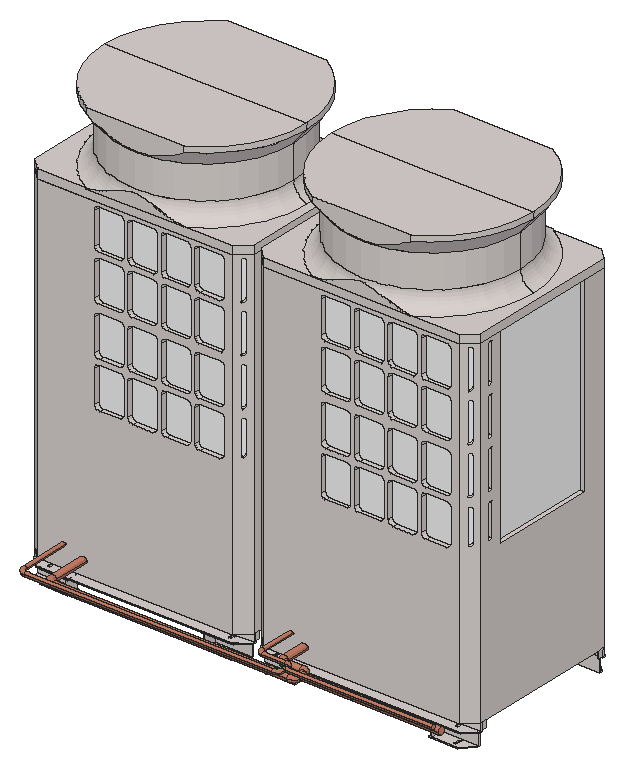
Revit family "PUHY-P550YSNW-A1", category Mechanical Equipment, Revit 2016 (continued)
Definition of nested family "PUHY-P300YNW-A1"
  Connectors
    piping at (-217, -189, 176), diameter 22.2, driven by "Gas pipe_radius"
      settings: on Extrusion 18, index 3, connector inside diameter 22.2 mm, connector length 0 mm, flow factor 0, pipe flow 0.0 L/s, pressure drop 0.0 Pa, fitting loss kfactor 0, connector angle 0.00°, fixture units 0, engagement length 0 mm, angle of deflection 0.00°, flow configuration 0, flow direction 0, fitting loss method 0, system type 22, joint type 0, gender type 0, connector reference index -1, connector utility 0, adjustable connector no, is connector primary yes, connector description "Refrigerant service valve (gas)"
    piping at (-300, -172, 176), diameter 9.52, driven by "Liquid pipe_radius"
      settings: on Extrusion 19, index 4, connector inside diameter 9.52 mm, connector length 0 mm, flow factor 0, pipe flow 0.0 L/s, pressure drop 0.0 Pa, fitting loss kfactor 0, connector angle 0.00°, fixture units 0, engagement length 0 mm, angle of deflection 0.00°, flow configuration 0, flow direction 0, fitting loss method 0, system type 22, joint type 0, gender type 0, connector reference index -1, connector utility 0, adjustable connector no, is connector primary no, connector description "Refrigerant service valve (Liquid)"
    electrical at (0, -370, 808)
      settings: on cut or joined group 1 (Extrusion 1, Extrusion 2, Extrusion 3, Extrusion 4, Extrusion 5, Extrusion 6, Extrusion 7, Extrusion 8, Extrusion 9, Extrusion 10, Extrusion 11, Extrusion 12, Extrusion 13, Extrusion 14, Extrusion 15, Extrusion 16, Extrusion 17, Extrusion 20, Extrusion 21, Extrusion 22, Extrusion 23, Extrusion 24, Extrusion 25, Extrusion 26, Extrusion 27, Extrusion 28, Extrusion 29, Extrusion 30, Extrusion 31, Extrusion 32), index 5, voltage 415 V, apparent load 0 VA, apparent load phase1 0 VA, apparent load phase2 0 VA, apparent load phase3 0 VA, power factor 1, load classification none, number of poles 3, system type 30, power factor state 1, is connector primary yes, connector utility no, sub classification motor no, connector description ""
  Definition of nested family "FAN GUARD"
    Parameters
      WIDTH [instance] = 920 mm
    Reference planes
      plane 1 "中心(正面/背面)": y = 0
      plane 2: z = 0
      plane 3 "中心(左/右)": x = 0
      plane 4 "ファンガード基準面": z = 660
      plane 5: y = 370
      plane 6: y = -370
      plane 7: x = 460
      plane 8: x = -460
      plane 9 "ファンガード基準上面": z = 694
      plane 10 "ファンガード上面": z = 997
    Forms (mm)
      Extrusion 1, solid
        sketch origin (0, 0, 660) x (-1, 0, 0) y (0, -1, 0)
          loop
            line (410, -370) -> (460, -320) -> (460, 320) -> (410, 370) -> (-410, 370) -> (-460, 320) -> (-460, -320) -> (-410, -370) -> (410, -370)
        from 0 to 34
      Revolve 2, solid
        sketch origin (0, 0, 0) x (1, 0, 0) y (0, 0, 1)
          loop
            line (0, 694) -> (0, 997) -> (-423, 997) -> (-423, 973) -> (-368.829, 903.664) -> (-368.829, 764.141)
            arc (-368.829, 764.141) -> (-384.109, 719.678) -> (-423.494, 694) r 72.332
            line (-423.494, 694) -> (0, 694)
          axis (0, 997) -> (0, 694)
        angle from 0 to 360
      Extrusion 3, void
        sketch origin (0, 0, 694) x (-1, 0, 0) y (0, -1, 0)
          loop
            line (345, -370) -> (-345, -370) -> (-345, -545) -> (345, -545) -> (345, -370)
          loop
            line (345, 370) -> (345, 539.592) -> (-345, 539.592) -> (-345, 370) -> (345, 370)
        from 0 to 400
    Cuts and joins
      Extrusion 3 cuts Revolve 2
    Lines and regions (mm)
      model lines
        curve 1: line (-423, 0, 997) -> (-80, 0, 997)
        curve 2: line (80, 0, 997) -> (423, 0, 997)
        curve 3: circle (0, 0, 997) r 80 normal (0, 0, 1)
        curve 4: line (-415.366, -80, 997) -> (415.366, -80, 997)
        curve 5: line (-391.572, -160, 997) -> (391.572, -160, 997)
        curve 6: line (-348.323, -240, 997) -> (348.323, -240, 997)
        curve 7: line (-276.639, -320, 997) -> (276.639, -320, 997)
        curve 8: line (-415.366, 80, 997) -> (415.366, 80, 997)
        curve 9: line (-391.572, 160, 997) -> (391.572, 160, 997)
        curve 10: line (-348.323, 240, 997) -> (348.323, 240, 997)
        curve 11: line (-276.639, 320, 997) -> (276.639, 320, 997)
        curve 12: line (0, 370, 997) -> (0, -370, 997)
        curve 13: line (-20, 370, 997) -> (-20, -370, 997)
        curve 14: line (-40, 370, 997) -> (-40, -370, 997)
        curve 15: line (-60, 370, 997) -> (-60, -370, 997)
        curve 16: line (-80, 370, 997) -> (-80, -370, 997)
        curve 17: line (20, 370, 997) -> (20, -370, 997)
        curve 18: line (40, 370, 997) -> (40, -370, 997)
        curve 19: line (60, 370, 997) -> (60, -370, 997)
        curve 20: line (80, 370, 997) -> (80, -370, 997)
        curve 21: line (100, 370, 997) -> (100, -370, 997)
        curve 22: line (120, 370, 997) -> (120, -370, 997)
        curve 23: line (140, 370, 997) -> (140, -370, 997)
        curve 24: line (160, 370, 997) -> (160, -370, 997)
        curve 25: line (180, 370, 997) -> (180, -370, 997)
        curve 26: line (200, 370, 997) -> (200, -370, 997)
        curve 27: line (220, 361.288, 997) -> (220, -361.288, 997)
        curve 28: line (240, 348.323, 997) -> (240, -348.323, 997)
        curve 29: line (260, 333.66, 997) -> (260, -333.66, 997)
        curve 30: line (280, 317.063, 997) -> (280, -317.063, 997)
        curve 31: line (300, 298.21, 997) -> (300, -298.21, 997)
        curve 32: line (320, 276.639, 997) -> (320, -276.639, 997)
        curve 33: line (340, 251.653, 997) -> (340, -251.653, 997)
        curve 34: line (360, 222.101, 997) -> (360, -222.101, 997)
        curve 35: line (380, 185.82, 997) -> (380, -185.82, 997)
        curve 36: line (400, 137.583, 997) -> (400, -137.583, 997)
        curve 37: line (420, 50.289, 997) -> (420, -50.289, 997)
        curve 38: line (-100, 370, 997) -> (-100, -370, 997)
        curve 39: line (-120, 370, 997) -> (-120, -370, 997)
        curve 40: line (-140, 370, 997) -> (-140, -370, 997)
        curve 41: line (-160, 370, 997) -> (-160, -370, 997)
        curve 42: line (-180, 370, 997) -> (-180, -370, 997)
        curve 43: line (-200, 370, 997) -> (-200, -370, 997)
        curve 44: line (-220, 361.288, 997) -> (-220, -361.288, 997)
        curve 45: line (-240, 348.323, 997) -> (-240, -348.323, 997)
        curve 46: line (-260, 333.66, 997) -> (-260, -333.66, 997)
        curve 47: line (-280, 317.063, 997) -> (-280, -317.063, 997)
        curve 48: line (-300, 298.21, 997) -> (-300, -298.21, 997)
        curve 49: line (-320, 276.639, 997) -> (-320, -276.639, 997)
        curve 50: line (-340, 251.653, 997) -> (-340, -251.653, 997)
        curve 51: line (-360, 222.101, 997) -> (-360, -222.101, 997)
        curve 52: line (-380, 185.82, 997) -> (-380, -185.82, 997)
        curve 53: line (-400, 137.583, 997) -> (-400, -137.583, 997)
        curve 54: line (-420, 50.289, 997) -> (-420, -50.289, 997)
        curve 55: line (10, 79.373, 997) -> (10, -79.373, 997)
        curve 56: line (-10, 79.373, 997) -> (-10, -79.373, 997)
        curve 57: line (30, 74.162, 997) -> (30, -74.162, 997)
        curve 58: line (50, 62.45, 997) -> (50, -62.45, 997)
        curve 59: line (70, 38.73, 997) -> (70, -38.73, 997)
        curve 60: line (-30, 74.162, 997) -> (-30, -74.162, 997)
        curve 61: line (-50, 62.45, 997) -> (-50, -62.45, 997)
        curve 62: line (-70, 38.73, 997) -> (-70, -38.73, 997)
    Dimensions and locks
      "WIDTH": plane 8 to plane 7
      locked: plane 6 to plane 5 at 740
      equal spacing: plane 8, plane 3 "中心(左/右)", plane 7
      equal spacing: plane 6, plane 1 "中心(正面/背面)", plane 5
      plane 3 "中心(左/右)" to Revolve 2 sketch curve = 423 mm
      locked: plane 10 "ファンガード上面" to plane 9 "ファンガード基準上面" at 303
      aligned and locked: level to plane 2
      aligned and locked: plane 5 to Extrusion 1 sketch curve
      aligned and locked: Extrusion 1 sketch curve to plane 6
      aligned and locked: plane 8 to Extrusion 1 sketch curve
      aligned and locked: plane 7 to Extrusion 1 sketch curve
      aligned and locked: plane 9 "ファンガード基準上面" to Extrusion 1
      aligned and locked: plane 4 "ファンガード基準面" to Extrusion 1
      aligned and locked: plane 9 "ファンガード基準上面" to Revolve 2 sketch curve
      aligned and locked: Revolve 2 sketch curve to plane 3 "中心(左/右)"
      aligned and locked: Extrusion 1 to Extrusion 3 sketch curve
      aligned and locked: Extrusion 3 sketch curve to Extrusion 1
      aligned and locked: cut or joined group of Revolve 2, Extrusion 3 to plane 10 "ファンガード上面"
    Automatic sketch dimensions
      Extrusion 1 sketch curve to plane 7 = 50 mm  (x2)
      plane 8 to Extrusion 1 sketch curve = 50 mm  (x2)
      plane 5 to Extrusion 1 sketch curve = 50 mm  (x2)
      Extrusion 1 sketch curve to plane 6 = 50 mm  (x2)
      plane 3 "中心(左/右)" to Extrusion 3 sketch curve = 345 mm  (x2)
      Extrusion 3 sketch curve to plane 3 "中心(左/右)" = 345 mm  (x2)
      Extrusion 3 sketch curve to Extrusion 3 sketch curve = 175 mm
      Extrusion 3 sketch curve to Extrusion 3 sketch curve = 169.592 mm
      plane 1 "中心(正面/背面)" to curve 2 = 0 mm
      plane 1 "中心(正面/背面)" to curve 3 = 0 mm
      curve 3 to plane 3 "中心(左/右)" = 0 mm
      curve 12 to plane 3 "中心(左/右)" = 0 mm
      plane 1 "中心(正面/背面)" to curve 1 = 0 mm
      plane 3 "中心(左/右)" to curve 55 = 10 mm
      curve 17 to curve 12 = 20 mm
      curve 57 to curve 55 = 20 mm
      curve 18 to curve 17 = 20 mm
      curve 58 to curve 57 = 20 mm
      curve 19 to curve 18 = 20 mm
      curve 59 to curve 58 = 20 mm
      curve 20 to curve 19 = 20 mm
      curve 2 to curve 59 = 10 mm
      curve 21 to curve 20 = 20 mm
      curve 22 to curve 21 = 20 mm
      curve 23 to curve 22 = 20 mm
      curve 24 to curve 23 = 20 mm
      curve 25 to curve 24 = 20 mm
      curve 26 to curve 25 = 20 mm
      curve 27 to curve 26 = 20 mm
      curve 28 to curve 27 = 20 mm
      curve 29 to curve 28 = 20 mm
      curve 11 to curve 29 = 16.639 mm
      curve 7 to curve 29 = 16.639 mm
      curve 30 to curve 7 = 3.361 mm
      curve 31 to curve 30 = 20 mm
      curve 32 to curve 31 = 20 mm
      curve 33 to curve 32 = 20 mm
      curve 6 to curve 33 = 8.323 mm
      curve 10 to curve 33 = 8.323 mm
      curve 34 to curve 10 = 11.677 mm
      curve 35 to curve 34 = 20 mm
      curve 9 to curve 35 = 11.572 mm
      curve 5 to curve 35 = 11.572 mm
      curve 36 to curve 9 = 8.428 mm
      curve 8 to curve 36 = 15.366 mm
      curve 4 to curve 36 = 15.366 mm
      curve 37 to curve 8 = 4.634 mm
      curve 2 to curve 37 = 3 mm
      curve 56 to plane 3 "中心(左/右)" = 10 mm
      curve 13 to plane 3 "中心(左/右)" = 20 mm
      curve 56 to curve 60 = 20 mm
      curve 13 to curve 14 = 20 mm
      curve 60 to curve 61 = 20 mm
      curve 14 to curve 15 = 20 mm
      curve 61 to curve 62 = 20 mm
      curve 15 to curve 16 = 20 mm
      curve 16 to curve 38 = 20 mm
      curve 38 to curve 39 = 20 mm
      curve 39 to curve 40 = 20 mm
      curve 40 to curve 41 = 20 mm
      curve 41 to curve 42 = 20 mm
      curve 42 to curve 43 = 20 mm
      curve 43 to curve 44 = 20 mm
      curve 44 to curve 45 = 20 mm
      curve 45 to curve 46 = 20 mm
      curve 46 to curve 7 = 16.639 mm
      curve 46 to curve 11 = 16.639 mm
      curve 7 to curve 47 = 3.361 mm
      curve 47 to curve 48 = 20 mm
      curve 48 to curve 49 = 20 mm
      curve 49 to curve 50 = 20 mm
      curve 50 to curve 6 = 8.323 mm
      curve 50 to curve 10 = 8.323 mm
      curve 10 to curve 51 = 11.677 mm
      curve 51 to curve 52 = 20 mm
      curve 52 to curve 9 = 11.572 mm
      curve 52 to curve 5 = 11.572 mm
      curve 5 to curve 53 = 8.428 mm
      curve 53 to curve 4 = 15.366 mm
      curve 53 to curve 8 = 15.366 mm
      curve 4 to curve 54 = 4.634 mm
      curve 54 to curve 1 = 3 mm
      curve 8 to plane 1 "中心(正面/背面)" = 80 mm
      curve 36 to curve 8 = 57.583 mm
      curve 53 to curve 8 = 57.583 mm
      curve 9 to curve 36 = 22.417 mm
      curve 52 to curve 9 = 25.82 mm
      curve 35 to curve 9 = 25.82 mm
      curve 51 to curve 52 = 36.282 mm
      curve 34 to curve 35 = 36.282 mm
      curve 10 to curve 51 = 17.899 mm
      curve 33 to curve 10 = 11.653 mm
      curve 50 to curve 10 = 11.653 mm
      curve 49 to curve 50 = 24.986 mm
      curve 32 to curve 33 = 24.986 mm
      curve 48 to curve 49 = 21.571 mm
      curve 31 to curve 32 = 21.571 mm
      curve 47 to curve 48 = 18.853 mm
      curve 30 to curve 31 = 18.853 mm
      curve 11 to curve 30 = 2.937 mm
      curve 29 to curve 11 = 13.66 mm
      curve 46 to curve 11 = 13.66 mm
      curve 28 to curve 29 = 14.663 mm
      curve 45 to curve 46 = 14.663 mm
      curve 44 to curve 45 = 12.965 mm
      curve 27 to curve 28 = 12.965 mm
      curve 12 to curve 27 = 8.712 mm
      curve 12 to curve 21 = 0 mm
      curve 13 to curve 12 = 0 mm
      curve 14 to curve 13 = 0 mm  (x2)
      curve 12 to curve 18 = 0 mm
      curve 21 to curve 23 = 0 mm
      curve 43 to curve 44 = 8.712 mm
      curve 23 to curve 24 = 0 mm  (x2)
      curve 43 to curve 42 = 0 mm  (x2)
      curve 24 to curve 25 = 0 mm  (x2)
      curve 42 to curve 41 = 0 mm  (x2)
      curve 25 to curve 26 = 0 mm  (x2)
      curve 41 to curve 40 = 0 mm  (x2)
      curve 20 to curve 21 = 0 mm  (x2)
      curve 40 to curve 39 = 0 mm  (x2)
      curve 15 to curve 14 = 0 mm
      curve 39 to curve 38 = 0 mm
      curve 38 to curve 16 = 0 mm  (x2)
      curve 18 to curve 19 = 0 mm  (x2)
      curve 12 to curve 17 = 0 mm  (x2)
      curve 21 to curve 22 = 0 mm  (x2)
      curve 8 to curve 37 = 29.711 mm
      curve 8 to curve 54 = 29.711 mm
      plane 1 "中心(正面/背面)" to curve 37 = 50.289 mm
      plane 1 "中心(正面/背面)" to curve 54 = 50.289 mm
      curve 37 to curve 4 = 29.711 mm
      curve 4 to curve 36 = 57.583 mm
      curve 4 to curve 53 = 57.583 mm
      curve 36 to curve 5 = 22.417 mm
      curve 5 to curve 52 = 25.82 mm
      curve 5 to curve 35 = 25.82 mm
      curve 35 to curve 34 = 36.282 mm
      curve 52 to curve 51 = 36.282 mm
      curve 51 to curve 6 = 17.899 mm
      curve 6 to curve 50 = 11.653 mm
      curve 6 to curve 33 = 11.653 mm
      curve 50 to curve 49 = 24.986 mm
      curve 33 to curve 32 = 24.986 mm
      curve 49 to curve 48 = 21.571 mm
      curve 32 to curve 31 = 21.571 mm
      curve 48 to curve 47 = 18.853 mm
      curve 31 to curve 30 = 18.853 mm
      curve 30 to curve 7 = 2.937 mm
      curve 7 to curve 46 = 13.66 mm
      curve 7 to curve 29 = 13.66 mm
      curve 29 to curve 28 = 14.663 mm
      curve 46 to curve 45 = 14.663 mm
      curve 45 to curve 44 = 12.965 mm
      curve 28 to curve 27 = 12.965 mm
      curve 44 to curve 13 = 8.712 mm
      curve 27 to curve 23 = 8.712 mm
      curve 15 to curve 13 = 0 mm
      curve 44 to curve 42 = 8.712 mm
      curve 16 to curve 15 = 0 mm
      curve 22 to curve 23 = 0 mm
      curve 13 to curve 17 = 0 mm
      curve 17 to curve 19 = 0 mm
      Revolve 2 sketch curve to plane 3 "中心(左/右)" = 0 mm
      Revolve 2 sketch curve to plane 10 "ファンガード上面" = 0 mm
      plane 9 "ファンガード基準上面" to Revolve 2 sketch curve = 70.141 mm
      Revolve 2 sketch curve to Revolve 2 sketch curve = 18.161 mm
      Revolve 2 sketch curve to level = 1700.815 mm
      Revolve 2 sketch curve to plane 10 "ファンガード上面" = 93.336 mm
      Revolve 2 sketch curve to plane 10 "ファンガード上面" = 24 mm
      Revolve 2 sketch curve to Revolve 2 sketch curve = 790.769 mm
      Revolve 2 sketch curve to Revolve 2 sketch curve = 17.668 mm
  Definition of nested family "BASE LEG"
    Parameters
      Width [instance] = 920 mm
    Reference planes
      plane 1 "中心(正面/背面)": y = 0
      plane 2: z = 0
      plane 3 "中心(左/右)": x = 0
      plane 4: x = 460
      plane 5: x = -460
      plane 6: x = -380
      plane 7: x = 380
      plane 8: y = -18
      plane 9: y = 39
      plane 10: z = 53
      plane 11: y = 42
      plane 12: y = 27
      plane 13: x = 415
      plane 14: x = -415
      plane 15: z = 8
      plane 16: y = 11.5
      plane 17: z = 35
    Forms (mm)
      Extrusion 1, solid
        sketch origin (0, 0, 0) x (0, 1, 0) y (0, 0, 1)
          loop
            line (-18, 0) -> (36, 0) -> (36, 32) -> (56, 32) -> (56, 35) -> (33, 35) -> (33, 3) -> (-18, 3) -> (-18, 0)
        from -460 to 460
      Extrusion 2, void
        sketch origin (0, 0, 0) x (1, 0, 0) y (0, 1, 0)
          loop
            line (415, -18) -> (460, -18) -> (460, 27) -> (415, -18)
          loop
            line (-415, -18) -> (-460, 27) -> (-460, -18) -> (-415, -18)
        from 0 to 250
      Extrusion 3, void
        sketch origin (0, 12.023, 0) x (1, 0, 0) y (0, 1, 0)
          loop
            arc (373, -2.971) -> (380, -9.971) -> (387, -2.971) r 7
            line (387, -2.971) -> (387, 3.023)
            arc (387, 3.023) -> (380, 10.023) -> (373, 3.023) r 7
            line (373, 3.023) -> (373, -2.971)
          loop
            line (-373, -2.971) -> (-373, 3.023)
            arc (-373, 3.023) -> (-380, 10.023) -> (-387, 3.023) r 7
            line (-387, 3.023) -> (-387, -2.971)
            arc (-387, -2.971) -> (-380, -9.971) -> (-373, -2.971) r 7
        from 0 to 250
      Extrusion 4, solid
        sketch origin (0, 0, -3) x (1, 0, 0) y (0, 0, 1)
          loop
            line (457, 8) -> (460, 8) -> (460, 35) -> (457, 35) -> (457, 8)
          loop
            line (-457, 8) -> (-457, 35) -> (-460, 35) -> (-460, 8) -> (-457, 8)
        from -36 to -56
      Extrusion 5, solid
        sketch origin (150, 352, 0) x (1, 0, 0) y (0, 1, 0)
          loop
            line (310, -319) -> (305, -319) -> (305, -320) -> (255, -370) -> (260, -370) -> (310, -320) -> (310, -319)
        from 3 to 35
      Extrusion 6, void
        sketch origin (410, -18, 0) x (0.707107, 0.707107, 0) y (0, 0, 1)
          loop
            line (70.711, 3) -> (-6.741, 39.767) -> (-6.741, 3) -> (70.711, 3)
        from -190.256 to 23.776
      Extrusion 7, solid
        sketch origin (-150, 352, 0) x (-1, 0, 0) y (0, -1, 0)
          loop
            line (310, 319) -> (310, 320) -> (260, 370) -> (255, 370) -> (305, 320) -> (305, 319) -> (310, 319)
        from 3 to 35
      Extrusion 8, void
        sketch origin (-410, -18, 0) x (0.707107, -0.707107, 0) y (0, 0, -1)
          loop
            line (-70.711, -3) -> (0, -35) -> (6.741, -35) -> (6.741, -3) -> (-70.711, -3)
        from -190.256 to 23.776
    Cuts and joins
      Extrusion 2, Extrusion 3 cuts Extrusion 1
      joined: Extrusion 1, Extrusion 4
      Extrusion 8 cuts Extrusion 7
      Extrusion 6 cuts Extrusion 5
    Dimensions and locks
      "Width": plane 5 to plane 4
      equal spacing: plane 5, plane 3 "中心(左/右)", plane 4
      locked: plane 5 to plane 6 at 80
      locked: plane 7 to plane 4 at 80
      locked: plane 8 to plane 9 at 57
      locked: plane 10 to level at 53
      locked: plane 9 to plane 11 at 3
      plane 8 to plane 12 = 45 mm
      locked: plane 13 to plane 4 at 45
      locked: plane 5 to plane 14 at 45
      equal spacing: Extrusion 3 sketch curve, plane 7, Extrusion 3 sketch curve
      equal spacing: Extrusion 3 sketch curve, plane 6, Extrusion 3 sketch curve
      locked: plane 10 to plane 15 at 45
      locked: cut or joined group of Extrusion 1, Extrusion 2, Extrusion 3, Extrusion 4 to Extrusion 4 sketch curve at 3  (x2)
      locked: plane 8 to plane 16 at 29.5
      plane 8 to plane 11 = 60 mm
      cut or joined group of Extrusion 1, Extrusion 2, Extrusion 3, Extrusion 4 to cut or joined group of Extrusion 1, Extrusion 2, Extrusion 3, Extrusion 4 = 35 mm
      aligned and locked: level to plane 2
      aligned and locked: plane 8 to Extrusion 1 sketch curve
      aligned and locked: plane 4 to Extrusion 1
      aligned and locked: Extrusion 1 to plane 5
      aligned and locked: Extrusion 2 sketch curve to plane 4
      aligned and locked: Extrusion 2 sketch curve to plane 8
      aligned and locked: plane 12 to Extrusion 2 sketch curve
      aligned and locked: plane 13 to Extrusion 2 sketch curve
      aligned and locked: plane 4 to Extrusion 4 sketch curve
      aligned and locked: plane 5 to Extrusion 4 sketch curve
      aligned and locked: cut or joined group of Extrusion 7, Extrusion 8 to cut or joined group of Extrusion 1, Extrusion 2, Extrusion 3, Extrusion 4
    Automatic sketch dimensions
      Extrusion 3 sketch curve to plane 1 "中心(正面/背面)" = 9.052 mm  (x2)
      Extrusion 3 sketch curve to plane 7 = 7 mm
      Extrusion 3 sketch curve to plane 1 "中心(正面/背面)" = 15.046 mm  (x2)
      Extrusion 3 sketch curve to plane 6 = 7 mm
      Extrusion 2 sketch curve to plane 5 = 0 mm
      plane 8 to Extrusion 2 sketch curve = 0 mm
      Extrusion 2 sketch curve to plane 14 = 0 mm
      plane 12 to Extrusion 2 sketch curve = 0 mm
      Extrusion 4 sketch curve to plane 10 = 21 mm
      plane 7 to Extrusion 5 sketch curve = 25 mm
      Extrusion 5 sketch curve to Extrusion 5 sketch curve = 5 mm  (x2)
      plane 7 to Extrusion 5 sketch curve = 75 mm
      plane 8 to Extrusion 5 sketch curve = 0 mm
      Extrusion 5 sketch curve to Extrusion 5 sketch curve = 50 mm
      Extrusion 5 sketch curve to Extrusion 5 sketch curve = 0 mm
      Extrusion 5 sketch curve to Extrusion 5 sketch curve = 1 mm
      Extrusion 6 sketch curve to Extrusion 5 = 0 mm  (x2)
      Extrusion 6 sketch curve to Extrusion 5 = 6.741 mm
      Extrusion 6 sketch curve to Extrusion 5 = 4.767 mm
      plane 6 to Extrusion 7 sketch curve = 25 mm
      Extrusion 7 sketch curve to Extrusion 7 sketch curve = 5 mm  (x2)
      Extrusion 7 sketch curve to Extrusion 7 sketch curve = 45 mm
      Extrusion 7 sketch curve to plane 8 = 0 mm
      Extrusion 7 sketch curve to Extrusion 7 sketch curve = 50 mm
      Extrusion 7 sketch curve to Extrusion 7 sketch curve = 0 mm
      Extrusion 7 sketch curve to Extrusion 7 sketch curve = 1 mm
      Extrusion 8 sketch curve to Extrusion 7 = 0 mm  (x2)
      Extrusion 7 to Extrusion 8 sketch curve = 0 mm  (x2)
      Extrusion 7 to Extrusion 8 sketch curve = 6.741 mm
      Extrusion 4 sketch curve to plane 17 = 3 mm
      Extrusion 4 sketch curve to plane 15 = 3 mm  (x2)
      Extrusion 1 sketch curve to plane 17 = 0 mm
      Extrusion 1 sketch curve to level = 0 mm
      level to Extrusion 1 sketch curve = 3 mm
      plane 9 to Extrusion 1 sketch curve = 6 mm
      plane 9 to Extrusion 1 sketch curve = 3 mm
      Extrusion 1 sketch curve to plane 17 = 3 mm
      Extrusion 1 sketch curve to plane 11 = 14 mm
  Definition of nested family "ATTACHMENT LEG"
    Parameters
      Width = 145 mm
    Reference planes
      plane 1: z = 0
      plane 2 "中心(左/右)": x = -6
      plane 3: x = -52
      plane 4: x = 85
      plane 5: x = 93
      plane 6: y = -21
      plane 7: y = 27
      plane 8: x = -30
      plane 9: y = 39
      plane 10: z = 60
      plane 11: z = 57
      plane 12: z = 3
      plane 13: x = 82
      plane 14: y = 36
      plane 15: x = -75
      plane 16: y = 31
      plane 17 "幅": x = 93
      plane 18: y = 2.5
      plane 19: y = 21
      plane 20: y = -10
    Forms (mm)
      Extrusion 1, solid
        sketch origin (0, -1, 0) x (1, 0, 0) y (0, 1, 0)
          loop
            line (-75, 36) -> (-75, 27) -> (-28, -20) -> (93, -20) -> (93, 32) -> (85, 32) -> (85, 36) -> (-75, 36)
        from 0 to 60
      Extrusion 2, void
        sketch origin (0, -3, 0) x (1, 0, 0) y (0, 0, 1)
          loop
            line (-75, 57) -> (-75, 3) -> (82, 3) -> (82, 57) -> (-75, 57)
          loop
            line (93, 57) -> (85, 57) -> (85, 3) -> (93, 3) -> (93, 57)
        from -35 to 18
      Extrusion 3, void
        sketch origin (-6, 5.5, 0) x (1, 0, 0) y (0, 1, 0)
          loop
            arc (-7, -8.5) -> (0, -15.5) -> (7, -8.5) r 7
            line (7, -8.5) -> (7, 8.5)
            arc (7, 8.5) -> (0, 15.5) -> (-7, 8.5) r 7
            line (-7, 8.5) -> (-7, -8.5)
        from 0 to 60
    Cuts and joins
      Extrusion 2, Extrusion 3 cuts Extrusion 1
    Dimensions and locks
      locked: plane 3 to plane 4 at 137
      locked: plane 3 to plane 5 at 145
      plane 6 to plane 7 = 48 mm
      locked: plane 10 to level at 60
      Extrusion 3 sketch curve to plane 2 "中心(左/右)" = 7 mm
      locked: plane 15 to plane 2 "中心(左/右)" at 69
      locked: plane 15 to plane 8 at 45
      locked: plane 6 to plane 18 at 23.5
      cut or joined group of Extrusion 1, Extrusion 2, Extrusion 3 to cut or joined group of Extrusion 1, Extrusion 2, Extrusion 3 = 168 mm
      cut or joined group of Extrusion 1, Extrusion 2, Extrusion 3 to cut or joined group of Extrusion 1, Extrusion 2, Extrusion 3 = 56 mm  (x2)
      plane 14 to plane 6 = 57 mm
      aligned and locked: level to plane 1
      aligned and locked: Extrusion 1 sketch curve to plane 4
      aligned and locked: Extrusion 1 sketch curve to plane 5
      aligned: plane 8 to Extrusion 1 sketch curve
      aligned and locked: plane 10 to Extrusion 1
      aligned and locked: Extrusion 2 sketch curve to plane 11
      aligned: plane 3 to Extrusion 2 sketch curve
      aligned and locked: plane 12 to Extrusion 2 sketch curve
      aligned and locked: Extrusion 2 sketch curve to plane 13
      aligned and locked: plane 6 to Extrusion 2
      aligned and locked: plane 11 to Extrusion 2 sketch curve
      aligned and locked: plane 5 to Extrusion 2 sketch curve
      aligned and locked: Extrusion 2 sketch curve to plane 12
      aligned and locked: Extrusion 2 sketch curve to plane 4
      aligned and locked: plane 15 to Extrusion 1 sketch curve
      aligned and locked: Extrusion 2 sketch curve to cut or joined group of Extrusion 1, Extrusion 2, Extrusion 3
      aligned and locked: Extrusion 1 to plane 16
Definition of nested family "PUHY-P250YNW-A1"
  Parameters
    Model = "PUHY-P250YNW-A"
    URL = "http://www.mitsubishielectric.com/"
    Manufacturer = "Mitsubishi Electric Corporation"
    Liquid pipe_radius = 4.76 mm
    Gas pipe_radius = 11.1 mm
  Reference planes
    plane 1 "Center (Front/Back)": y = 0
    plane 2: z = 0
    plane 3 "Center (Left/Right)": x = 0
    plane 4 "11": through (-415, 370, 1200) normal (0.7071, -0.7071, 0)
    plane 5 "22": through (-415, -370, 1200) normal (-0.7071, -0.7071, 0)
    plane 6 "44": through (460, 325, 1200) normal (-0.7071, -0.7071, 0)
    plane 7 "33": through (460, -325, 1200) normal (0.7071, -0.7071, 0)
    plane 8: z = 754.5
    plane 9: z = 909.5
    plane 10: x = -300
    plane 11: x = -217
    plane 12: y = 370
    plane 13: y = -370
    plane 14: x = -460
    plane 15: x = 460
  Forms (mm)
    Extrusion 1, solid
      sketch origin (0, 0, 113) x (-1, 0, 0) y (0, -1, 0)
        loop
          line (410, -370) -> (460, -320) -> (460, 320) -> (410, 370) -> (-410, 370) -> (-460, 320) -> (-460, -320) -> (-410, -370) -> (410, -370)
      from -18 to 1408
    Extrusion 2, void
      sketch origin (410, -370, 113) x (1, 0, 0) y (0, 0, -1)
        loop
          arc (-55, -1393.5) -> (-40.858, -1387.642) -> (-35, -1373.5) r 20
          line (-35, -1373.5) -> (-35, -1238.676)
          arc (-35, -1238.676) -> (-40.858, -1224.534) -> (-55, -1218.676) r 20
          line (-55, -1218.676) -> (-139.8, -1218.676)
          arc (-139.8, -1218.676) -> (-153.942, -1224.534) -> (-159.8, -1238.676) r 20
          line (-159.8, -1238.676) -> (-159.8, -1373.5)
          arc (-159.8, -1373.5) -> (-153.942, -1387.642) -> (-139.8, -1393.5) r 20
          line (-139.8, -1393.5) -> (-55, -1393.5)
      from 0 to 20
    Extrusion 3, void
      sketch origin (270, -370, 113) x (1, 0, 0) y (0, 0, -1)
        loop
          arc (-55, -1393.5) -> (-40.858, -1387.642) -> (-35, -1373.5) r 20
          line (-35, -1373.5) -> (-35, -1238.676)
          arc (-35, -1238.676) -> (-40.858, -1224.534) -> (-55, -1218.676) r 20
          line (-55, -1218.676) -> (-139.8, -1218.676)
          arc (-139.8, -1218.676) -> (-153.942, -1224.534) -> (-159.8, -1238.676) r 20
          line (-159.8, -1238.676) -> (-159.8, -1373.5)
          arc (-159.8, -1373.5) -> (-153.942, -1387.642) -> (-139.8, -1393.5) r 20
          line (-139.8, -1393.5) -> (-55, -1393.5)
      from 0 to 20
    Extrusion 4, void
      sketch origin (130, -370, 113) x (1, 0, 0) y (0, 0, -1)
        loop
          arc (-55, -1393.5) -> (-40.858, -1387.642) -> (-35, -1373.5) r 20
          line (-35, -1373.5) -> (-35, -1238.676)
          arc (-35, -1238.676) -> (-40.858, -1224.534) -> (-55, -1218.676) r 20
          line (-55, -1218.676) -> (-139.8, -1218.676)
          arc (-139.8, -1218.676) -> (-153.942, -1224.534) -> (-159.8, -1238.676) r 20
          line (-159.8, -1238.676) -> (-159.8, -1373.5)
          arc (-159.8, -1373.5) -> (-153.942, -1387.642) -> (-139.8, -1393.5) r 20
          line (-139.8, -1393.5) -> (-55, -1393.5)
      from 0 to 20
    Extrusion 5, void
      sketch origin (-10, -370, 113) x (1, 0, 0) y (0, 0, -1)
        loop
          arc (-55, -1393.5) -> (-40.858, -1387.642) -> (-35, -1373.5) r 20
          line (-35, -1373.5) -> (-35, -1238.676)
          arc (-35, -1238.676) -> (-40.858, -1224.534) -> (-55, -1218.676) r 20
          line (-55, -1218.676) -> (-139.8, -1218.676)
          arc (-139.8, -1218.676) -> (-153.942, -1224.534) -> (-159.8, -1238.676) r 20
          line (-159.8, -1238.676) -> (-159.8, -1373.5)
          arc (-159.8, -1373.5) -> (-153.942, -1387.642) -> (-139.8, -1393.5) r 20
          line (-139.8, -1393.5) -> (-55, -1393.5)
      from 0 to 20
    Extrusion 6, void
      sketch origin (410, -370, -81) x (1, 0, 0) y (0, 0, -1)
        loop
          arc (-55, -1393.5) -> (-40.858, -1387.642) -> (-35, -1373.5) r 20
          line (-35, -1373.5) -> (-35, -1238.676)
          arc (-35, -1238.676) -> (-40.858, -1224.534) -> (-55, -1218.676) r 20
          line (-55, -1218.676) -> (-139.8, -1218.676)
          arc (-139.8, -1218.676) -> (-153.942, -1224.534) -> (-159.8, -1238.676) r 20
          line (-159.8, -1238.676) -> (-159.8, -1373.5)
          arc (-159.8, -1373.5) -> (-153.942, -1387.642) -> (-139.8, -1393.5) r 20
          line (-139.8, -1393.5) -> (-55, -1393.5)
      from 0 to 20
    Extrusion 7, void
      sketch origin (270, -370, -81) x (1, 0, 0) y (0, 0, -1)
        loop
          arc (-55, -1393.5) -> (-40.858, -1387.642) -> (-35, -1373.5) r 20
          line (-35, -1373.5) -> (-35, -1238.676)
          arc (-35, -1238.676) -> (-40.858, -1224.534) -> (-55, -1218.676) r 20
          line (-55, -1218.676) -> (-139.8, -1218.676)
          arc (-139.8, -1218.676) -> (-153.942, -1224.534) -> (-159.8, -1238.676) r 20
          line (-159.8, -1238.676) -> (-159.8, -1373.5)
          arc (-159.8, -1373.5) -> (-153.942, -1387.642) -> (-139.8, -1393.5) r 20
          line (-139.8, -1393.5) -> (-55, -1393.5)
      from 0 to 20
    Extrusion 8, void
      sketch origin (130, -370, -81) x (1, 0, 0) y (0, 0, -1)
        loop
          arc (-55, -1393.5) -> (-40.858, -1387.642) -> (-35, -1373.5) r 20
          line (-35, -1373.5) -> (-35, -1238.676)
          arc (-35, -1238.676) -> (-40.858, -1224.534) -> (-55, -1218.676) r 20
          line (-55, -1218.676) -> (-139.8, -1218.676)
          arc (-139.8, -1218.676) -> (-153.942, -1224.534) -> (-159.8, -1238.676) r 20
          line (-159.8, -1238.676) -> (-159.8, -1373.5)
          arc (-159.8, -1373.5) -> (-153.942, -1387.642) -> (-139.8, -1393.5) r 20
          line (-139.8, -1393.5) -> (-55, -1393.5)
      from 0 to 20
    Extrusion 9, void
      sketch origin (-10, -370, -81) x (1, 0, 0) y (0, 0, -1)
        loop
          arc (-55, -1393.5) -> (-40.858, -1387.642) -> (-35, -1373.5) r 20
          line (-35, -1373.5) -> (-35, -1238.676)
          arc (-35, -1238.676) -> (-40.858, -1224.534) -> (-55, -1218.676) r 20
          line (-55, -1218.676) -> (-139.8, -1218.676)
          arc (-139.8, -1218.676) -> (-153.942, -1224.534) -> (-159.8, -1238.676) r 20
          line (-159.8, -1238.676) -> (-159.8, -1373.5)
          arc (-159.8, -1373.5) -> (-153.942, -1387.642) -> (-139.8, -1393.5) r 20
          line (-139.8, -1393.5) -> (-55, -1393.5)
      from 0 to 20
    Extrusion 10, void
      sketch origin (410, -370, -287) x (1, 0, 0) y (0, 0, -1)
        loop
          arc (-55, -1393.5) -> (-40.858, -1387.642) -> (-35, -1373.5) r 20
          line (-35, -1373.5) -> (-35, -1238.676)
          arc (-35, -1238.676) -> (-40.858, -1224.534) -> (-55, -1218.676) r 20
          line (-55, -1218.676) -> (-139.8, -1218.676)
          arc (-139.8, -1218.676) -> (-153.942, -1224.534) -> (-159.8, -1238.676) r 20
          line (-159.8, -1238.676) -> (-159.8, -1373.5)
          arc (-159.8, -1373.5) -> (-153.942, -1387.642) -> (-139.8, -1393.5) r 20
          line (-139.8, -1393.5) -> (-55, -1393.5)
      from 0 to 20
    Extrusion 11, void
      sketch origin (270, -370, -287) x (1, 0, 0) y (0, 0, -1)
        loop
          arc (-55, -1393.5) -> (-40.858, -1387.642) -> (-35, -1373.5) r 20
          line (-35, -1373.5) -> (-35, -1238.676)
          arc (-35, -1238.676) -> (-40.858, -1224.534) -> (-55, -1218.676) r 20
          line (-55, -1218.676) -> (-139.8, -1218.676)
          arc (-139.8, -1218.676) -> (-153.942, -1224.534) -> (-159.8, -1238.676) r 20
          line (-159.8, -1238.676) -> (-159.8, -1373.5)
          arc (-159.8, -1373.5) -> (-153.942, -1387.642) -> (-139.8, -1393.5) r 20
          line (-139.8, -1393.5) -> (-55, -1393.5)
      from 0 to 20
    Extrusion 12, void
      sketch origin (130, -370, -287) x (1, 0, 0) y (0, 0, -1)
        loop
          arc (-55, -1393.5) -> (-40.858, -1387.642) -> (-35, -1373.5) r 20
          line (-35, -1373.5) -> (-35, -1238.676)
          arc (-35, -1238.676) -> (-40.858, -1224.534) -> (-55, -1218.676) r 20
          line (-55, -1218.676) -> (-139.8, -1218.676)
          arc (-139.8, -1218.676) -> (-153.942, -1224.534) -> (-159.8, -1238.676) r 20
          line (-159.8, -1238.676) -> (-159.8, -1373.5)
          arc (-159.8, -1373.5) -> (-153.942, -1387.642) -> (-139.8, -1393.5) r 20
          line (-139.8, -1393.5) -> (-55, -1393.5)
      from 0 to 20
    Extrusion 13, void
      sketch origin (-10, -370, -287) x (1, 0, 0) y (0, 0, -1)
        loop
          arc (-55, -1393.5) -> (-40.858, -1387.642) -> (-35, -1373.5) r 20
          line (-35, -1373.5) -> (-35, -1238.676)
          arc (-35, -1238.676) -> (-40.858, -1224.534) -> (-55, -1218.676) r 20
          line (-55, -1218.676) -> (-139.8, -1218.676)
          arc (-139.8, -1218.676) -> (-153.942, -1224.534) -> (-159.8, -1238.676) r 20
          line (-159.8, -1238.676) -> (-159.8, -1373.5)
          arc (-159.8, -1373.5) -> (-153.942, -1387.642) -> (-139.8, -1393.5) r 20
          line (-139.8, -1393.5) -> (-55, -1393.5)
      from 0 to 20
    Extrusion 14, void
      sketch origin (410, -370, -481) x (1, 0, 0) y (0, 0, -1)
        loop
          arc (-55, -1393.5) -> (-40.858, -1387.642) -> (-35, -1373.5) r 20
          line (-35, -1373.5) -> (-35, -1238.676)
          arc (-35, -1238.676) -> (-40.858, -1224.534) -> (-55, -1218.676) r 20
          line (-55, -1218.676) -> (-139.8, -1218.676)
          arc (-139.8, -1218.676) -> (-153.942, -1224.534) -> (-159.8, -1238.676) r 20
          line (-159.8, -1238.676) -> (-159.8, -1373.5)
          arc (-159.8, -1373.5) -> (-153.942, -1387.642) -> (-139.8, -1393.5) r 20
          line (-139.8, -1393.5) -> (-55, -1393.5)
      from 0 to 20
    Extrusion 15, void
      sketch origin (270, -370, -481) x (1, 0, 0) y (0, 0, -1)
        loop
          arc (-55, -1393.5) -> (-40.858, -1387.642) -> (-35, -1373.5) r 20
          line (-35, -1373.5) -> (-35, -1238.676)
          arc (-35, -1238.676) -> (-40.858, -1224.534) -> (-55, -1218.676) r 20
          line (-55, -1218.676) -> (-139.8, -1218.676)
          arc (-139.8, -1218.676) -> (-153.942, -1224.534) -> (-159.8, -1238.676) r 20
          line (-159.8, -1238.676) -> (-159.8, -1373.5)
          arc (-159.8, -1373.5) -> (-153.942, -1387.642) -> (-139.8, -1393.5) r 20
          line (-139.8, -1393.5) -> (-55, -1393.5)
      from 0 to 20
    Extrusion 16, void
      sketch origin (130, -370, -481) x (1, 0, 0) y (0, 0, -1)
        loop
          arc (-55, -1393.5) -> (-40.858, -1387.642) -> (-35, -1373.5) r 20
          line (-35, -1373.5) -> (-35, -1238.676)
          arc (-35, -1238.676) -> (-40.858, -1224.534) -> (-55, -1218.676) r 20
          line (-55, -1218.676) -> (-139.8, -1218.676)
          arc (-139.8, -1218.676) -> (-153.942, -1224.534) -> (-159.8, -1238.676) r 20
          line (-159.8, -1238.676) -> (-159.8, -1373.5)
          arc (-159.8, -1373.5) -> (-153.942, -1387.642) -> (-139.8, -1393.5) r 20
          line (-139.8, -1393.5) -> (-55, -1393.5)
      from 0 to 20
    Extrusion 17, void
      sketch origin (-10, -370, -481) x (1, 0, 0) y (0, 0, -1)
        loop
          arc (-55, -1393.5) -> (-40.858, -1387.642) -> (-35, -1373.5) r 20
          line (-35, -1373.5) -> (-35, -1238.676)
          arc (-35, -1238.676) -> (-40.858, -1224.534) -> (-55, -1218.676) r 20
          line (-55, -1218.676) -> (-139.8, -1218.676)
          arc (-139.8, -1218.676) -> (-153.942, -1224.534) -> (-159.8, -1238.676) r 20
          line (-159.8, -1238.676) -> (-159.8, -1373.5)
          arc (-159.8, -1373.5) -> (-153.942, -1387.642) -> (-139.8, -1393.5) r 20
          line (-139.8, -1393.5) -> (-55, -1393.5)
      from 0 to 20
    Extrusion 18, solid
      sketch origin (0, -189, -3) x (0, 0, -1) y (-1, 0, 0)
        loop
          circle (-179, 217) r 11.1
      from 0 to 150
    Extrusion 19, solid
      sketch origin (0, -172, -3) x (0, 0, -1) y (-1, 0, 0)
        loop
          circle (-179, 300) r 4.76
      from 0 to 150
    Extrusion 20, void
      sketch origin (-460, -320, 113) x (0, -1, 0) y (0, 0, -1)
        loop
          line (-611.5, -1236.511) -> (-611.5, -1386.5)
          arc (-611.5, -1386.5) -> (-601.5, -1396.5) -> (-591.5, -1386.5) r 10
          line (-591.5, -1386.5) -> (-591.5, -1236.511)
          arc (-591.5, -1236.511) -> (-601.5, -1226.511) -> (-611.5, -1236.511) r 10
      from 0 to 20
    Extrusion 21, void
      sketch origin (-460, -320, -87.006) x (0, -1, 0) y (0, 0, -1)
        loop
          line (-611.5, -1236.511) -> (-611.5, -1386.5)
          arc (-611.5, -1386.5) -> (-601.5, -1396.5) -> (-591.5, -1386.5) r 10
          line (-591.5, -1386.5) -> (-591.5, -1236.511)
          arc (-591.5, -1236.511) -> (-601.5, -1226.511) -> (-611.5, -1236.511) r 10
      from 0 to 20
    Extrusion 22, void
      sketch origin (-460, -320, -287.006) x (0, -1, 0) y (0, 0, -1)
        loop
          line (-611.5, -1236.511) -> (-611.5, -1386.5)
          arc (-611.5, -1386.5) -> (-601.5, -1396.5) -> (-591.5, -1386.5) r 10
          line (-591.5, -1386.5) -> (-591.5, -1236.511)
          arc (-591.5, -1236.511) -> (-601.5, -1226.511) -> (-611.5, -1236.511) r 10
      from 0 to 20
    Extrusion 23, void
      sketch origin (-460, -320, -479.506) x (0, -1, 0) y (0, 0, -1)
        loop
          line (-611.5, -1244.006) -> (-611.5, -1379.006)
          arc (-611.5, -1379.006) -> (-601.5, -1389.006) -> (-591.5, -1379.006) r 10
          line (-591.5, -1379.006) -> (-591.5, -1244.006)
          arc (-591.5, -1244.006) -> (-601.5, -1234.006) -> (-611.5, -1244.006) r 10
      from 0 to 20
    Extrusion 24, void
      sketch origin (-460, -320, 113) x (0, -1, 0) y (0, 0, -1)
        loop
          line (-543, -1408) -> (-215, -1408) -> (-215, -632) -> (-543, -632) -> (-543, -1408)
      from 0 to 20
    Extrusion 25, void
      sketch origin (-410, 370, 113) x (0.707107, 0.707107, 0) y (0, 0, 1)
        loop
          line (-27.158, 1236.539) -> (-27.158, 1386.461)
          arc (-27.158, 1386.461) -> (-37.158, 1396.461) -> (-47.158, 1386.461) r 10
          line (-47.158, 1386.461) -> (-47.158, 1236.539)
          arc (-47.158, 1236.539) -> (-37.158, 1226.539) -> (-27.158, 1236.539) r 10
        loop
          line (-27.158, 1036.539) -> (-27.158, 1186.461)
          arc (-27.158, 1186.461) -> (-37.158, 1196.461) -> (-47.158, 1186.461) r 10
          line (-47.158, 1186.461) -> (-47.158, 1036.539)
          arc (-47.158, 1036.539) -> (-37.158, 1026.539) -> (-27.158, 1036.539) r 10
        loop
          line (-27.158, 836.539) -> (-27.158, 986.461)
          arc (-27.158, 986.461) -> (-37.158, 996.461) -> (-47.158, 986.461) r 10
          line (-47.158, 986.461) -> (-47.158, 836.539)
          arc (-47.158, 836.539) -> (-37.158, 826.539) -> (-27.158, 836.539) r 10
        loop
          line (-27.158, 652.5) -> (-27.158, 785.5)
          arc (-27.158, 785.5) -> (-37.158, 795.5) -> (-47.158, 785.5) r 10
          line (-47.158, 785.5) -> (-47.158, 652.5)
          arc (-47.158, 652.5) -> (-37.158, 642.5) -> (-27.158, 652.5) r 10
      from 0 to 20
    Extrusion 26, void
      sketch origin (460, -320, 113) x (0.707107, 0.707107, 0) y (0, 0, -1)
        loop
          arc (-25.5, -1236.423) -> (-35.5, -1226.423) -> (-45.5, -1236.423) r 10
          line (-45.5, -1236.423) -> (-45.5, -1386.487)
          arc (-45.5, -1386.487) -> (-35.5, -1396.487) -> (-25.5, -1386.487) r 10
          line (-25.5, -1386.487) -> (-25.5, -1236.423)
      from 0 to 20
    Extrusion 27, void
      sketch origin (460, -320, -86.884) x (0.707107, 0.707107, 0) y (0, 0, -1)
        loop
          arc (-25.5, -1236.423) -> (-35.5, -1226.423) -> (-45.5, -1236.423) r 10
          line (-45.5, -1236.423) -> (-45.5, -1386.487)
          arc (-45.5, -1386.487) -> (-35.5, -1396.487) -> (-25.5, -1386.487) r 10
          line (-25.5, -1386.487) -> (-25.5, -1236.423)
      from 0 to 20
    Extrusion 28, void
      sketch origin (460, -320, -286.884) x (0.707107, 0.707107, 0) y (0, 0, -1)
        loop
          arc (-25.5, -1236.423) -> (-35.5, -1226.423) -> (-45.5, -1236.423) r 10
          line (-45.5, -1236.423) -> (-45.5, -1386.487)
          arc (-45.5, -1386.487) -> (-35.5, -1396.487) -> (-25.5, -1386.487) r 10
          line (-25.5, -1386.487) -> (-25.5, -1236.423)
      from 0 to 20
    Extrusion 29, void
      sketch origin (460, -320, -487.987) x (0.707107, 0.707107, 0) y (0, 0, -1)
        loop
          arc (-25.5, -1253.487) -> (-35.5, -1243.487) -> (-45.5, -1253.487) r 10
          line (-45.5, -1253.487) -> (-45.5, -1386.487)
          arc (-45.5, -1386.487) -> (-35.5, -1396.487) -> (-25.5, -1386.487) r 10
          line (-25.5, -1386.487) -> (-25.5, -1253.487)
      from 0 to 20
    Extrusion 30, void
      sketch origin (460, 320, 113) x (0, 1, 0) y (0, 0, -1)
        loop
          line (-604, -1236.423) -> (-604, -1386.487)
          arc (-604, -1386.487) -> (-594, -1396.487) -> (-584, -1386.487) r 10
          line (-584, -1386.487) -> (-584, -1236.423)
          arc (-584, -1236.423) -> (-594, -1226.423) -> (-604, -1236.423) r 10
        loop
          line (-604, -1036.539) -> (-604, -1186.603)
          arc (-604, -1186.603) -> (-594, -1196.603) -> (-584, -1186.603) r 10
          line (-584, -1186.603) -> (-584, -1036.539)
          arc (-584, -1036.539) -> (-594, -1026.539) -> (-604, -1036.539) r 10
        loop
          line (-604, -836.539) -> (-604, -986.603)
          arc (-604, -986.603) -> (-594, -996.603) -> (-584, -986.603) r 10
          line (-584, -986.603) -> (-584, -836.539)
          arc (-584, -836.539) -> (-594, -826.539) -> (-604, -836.539) r 10
        loop
          line (-604, -652.5) -> (-604, -785.5)
          arc (-604, -785.5) -> (-594, -795.5) -> (-584, -785.5) r 10
          line (-584, -785.5) -> (-584, -652.5)
          arc (-584, -652.5) -> (-594, -642.5) -> (-604, -652.5) r 10
      from 0 to 20
    Extrusion 31, void
      sketch origin (460, 320, 113) x (0, 1, 0) y (0, 0, -1)
        loop
          line (-542, -1408) -> (-100, -1408) -> (-100, -611.5) -> (-542, -611.5) -> (-542, -1408)
      from 0 to 20
    Extrusion 32, void
      sketch origin (-410, 370, 113) x (-1, 0, 0) y (0, 0, -1)
        loop
          line (-718, -1408) -> (-47, -1408) -> (-47, -613) -> (-718, -613) -> (-718, -1408)
      from 0 to 20
  Cuts and joins
    Extrusion 2, Extrusion 3, Extrusion 4, Extrusion 5, Extrusion 6, Extrusion 7, Extrusion 8, Extrusion 9, Extrusion 10, Extrusion 11, Extrusion 12, Extrusion 13, Extrusion 14, Extrusion 15, Extrusion 16, Extrusion 17, Extrusion 20, Extrusion 21, Extrusion 22, Extrusion 23, Extrusion 24, Extrusion 25, Extrusion 26, Extrusion 27, Extrusion 28, Extrusion 29, Extrusion 30, Extrusion 31, Extrusion 32 cuts Extrusion 1
  Lines and regions (mm)
    model lines
      curve 1: line (-390, -370, 716) -> (390, -370, 716)
      curve 2: line (-390, -370, 1521) -> (-390, -370, 95)
      curve 3: line (390, -370, 1521) -> (390, -370, 95)
      curve 4: line (-172, -370, 95) -> (-172, -370, 207.5)
      curve 5: line (390, -370, 224.5) -> (199, -370, 224.5)
      curve 6: line (172, -370, 197.5) -> (172, -370, 95)
      curve 7: arc (-189, -370, 224.5) -> (-176.979, -370, 219.521) -> (-172, -370, 207.5) r 17
      curve 8: arc (199, -370, 224.5) -> (179.908, -370, 216.592) -> (172, -370, 197.5) r 27
      curve 9: line (-192, -291, 95) -> (-322, -291, 95)
      curve 10: line (-182, -207, 95) -> (-182, -281, 95)
      curve 11: line (-322, -197, 95) -> (-192, -197, 95)
      curve 12: line (-332, -281, 95) -> (-332, -207, 95)
      curve 13: arc (-332, -281, 95) -> (-329.071, -288.071, 95) -> (-322, -291, 95) r 10
      curve 14: arc (-192, -291, 95) -> (-184.929, -288.071, 95) -> (-182, -281, 95) r 10
      curve 15: arc (-182, -207, 95) -> (-184.929, -199.929, 95) -> (-192, -197, 95) r 10
      curve 16: arc (-322, -197, 95) -> (-329.071, -199.929, 95) -> (-332, -207, 95) r 10
      curve 25: line (-219, -370, 1521) -> (-219, -370, 716)
      curve 26: line (-189, -370, 224.5) -> (-390, -370, 224.5)
      curve 27: circle (308, -185, 95) r 26 normal (0, 0, 1)
      curve 28: circle (288, -260, 95) r 32.5 normal (0, 0, 1)
      curve 29: circle (244, -204, 95) r 17 normal (0, 0, 1)
      curve 30: line (-460, 243, 1521) -> (-460, 243, 95)
      curve 32: line (-460, 243, 705) -> (-460, -155, 705)
      curve 33: line (-460, -155, 95) -> (-460, -155, 1521)
      curve 34: line (-460, 223, 1521) -> (-460, 223, 705)
      curve 35: line (-460, -105, 1521) -> (-460, -105, 705)
      curve 36: line (-460, -95.983, 267.745) -> (-460, 184, 267.745)
      curve 37: line (-460, 184, 247.745) -> (-460, -95.983, 247.745)
      curve 38: arc (-460, -95.983, 247.745) -> (-460, -105.983, 257.745) -> (-460, -95.983, 267.745) r 10
      curve 39: arc (-460, 184, 267.745) -> (-460, 194, 257.745) -> (-460, 184, 247.745) r 10
      curve 40: line (-460, -95.983, 372.745) -> (-460, 184, 372.745)
      curve 41: line (-460, 184, 352.745) -> (-460, -95.983, 352.745)
      curve 42: arc (-460, -95.983, 352.745) -> (-460, -105.983, 362.745) -> (-460, -95.983, 372.745) r 10
      curve 43: arc (-460, 184, 372.745) -> (-460, 194, 362.745) -> (-460, 184, 352.745) r 10
      curve 44: line (-460, -95.983, 477.745) -> (-460, 184, 477.745)
      curve 45: line (-460, 184, 457.745) -> (-460, -95.983, 457.745)
      curve 46: arc (-460, -95.983, 457.745) -> (-460, -105.983, 467.745) -> (-460, -95.983, 477.745) r 10
      curve 47: arc (-460, 184, 477.745) -> (-460, 194, 467.745) -> (-460, 184, 457.745) r 10
      curve 48: line (-460, -95.983, 582.745) -> (-460, 184, 582.745)
      curve 49: line (-460, 184, 562.745) -> (-460, -95.983, 562.745)
      curve 50: arc (-460, -95.983, 562.745) -> (-460, -105.983, 572.745) -> (-460, -95.983, 582.745) r 10
      curve 51: arc (-460, 184, 582.745) -> (-460, 194, 572.745) -> (-460, 184, 562.745) r 10
      curve 52: line (-110, -370, 269) -> (110, -370, 269)
      curve 53: line (110, -370, 249) -> (-110, -370, 249)
      curve 54: arc (-120, -370, 259) -> (-117.071, -370, 266.071) -> (-110, -370, 269) r 10
      curve 55: arc (-110, -370, 249) -> (-117.071, -370, 251.929) -> (-120, -370, 259) r 10
      curve 56: arc (110, -370, 269) -> (117.071, -370, 266.071) -> (120, -370, 259) r 10
      curve 57: arc (120, -370, 259) -> (117.071, -370, 251.929) -> (110, -370, 249) r 10
      curve 58: line (-222.5, -370, 584) -> (222.5, -370, 584)
      curve 59: line (222.5, -370, 564) -> (-222.5, -370, 564)
      curve 60: arc (-222.5, -370, 584) -> (-229.571, -370, 581.071) -> (-232.5, -370, 574) r 10
      curve 61: arc (222.5, -370, 584) -> (229.571, -370, 581.071) -> (232.5, -370, 574) r 10
      curve 62: arc (232.5, -370, 574) -> (229.571, -370, 566.929) -> (222.5, -370, 564) r 10
      curve 63: arc (-222.5, -370, 564) -> (-229.571, -370, 566.929) -> (-232.5, -370, 574) r 10
      curve 64: line (-222.5, -370, 479) -> (222.5, -370, 479)
      curve 65: line (222.5, -370, 459) -> (-222.5, -370, 459)
      curve 66: arc (-222.5, -370, 479) -> (-229.571, -370, 476.071) -> (-232.5, -370, 469) r 10
      curve 67: arc (222.5, -370, 479) -> (229.571, -370, 476.071) -> (232.5, -370, 469) r 10
      curve 68: arc (232.5, -370, 469) -> (229.571, -370, 461.929) -> (222.5, -370, 459) r 10
      curve 69: arc (-222.5, -370, 459) -> (-229.571, -370, 461.929) -> (-232.5, -370, 469) r 10
      curve 70: line (-222.5, -370, 374) -> (222.5, -370, 374)
      curve 71: line (222.5, -370, 354) -> (-222.5, -370, 354)
      curve 72: arc (-222.5, -370, 374) -> (-229.571, -370, 371.071) -> (-232.5, -370, 364) r 10
      curve 73: arc (222.5, -370, 374) -> (229.571, -370, 371.071) -> (232.5, -370, 364) r 10
      curve 74: arc (232.5, -370, 364) -> (229.571, -370, 356.929) -> (222.5, -370, 354) r 10
      curve 75: arc (-222.5, -370, 354) -> (-229.571, -370, 356.929) -> (-232.5, -370, 364) r 10
      curve 76: line (460, -237.5, 1521) -> (460, -237.5, 95)
      curve 77: line (460, -237.5, 705) -> (460, 236.5, 705)
      curve 78: line (460, -237.5, 724.5) -> (460, 236.5, 724.5)
      curve 79: line (460, 236.5, 1521) -> (460, 236.5, 95)
      curve 80: line (327.5, 370, 1521) -> (327.5, 370, 95)
      curve 81: line (308, 370, 1521) -> (308, 370, 706)
      curve 82: line (327.5, 370, 706) -> (-382.5, 370, 706)
      curve 83: line (-382.5, 370, 1521) -> (-382.5, 370, 95)
      curve 84: line (-363, 370, 1521) -> (-363, 370, 706)
      curve 85: line (460, -140.491, 267.745) -> (460, 139.491, 267.745)
      curve 86: line (460, 139.491, 247.745) -> (460, -140.491, 247.745)
      curve 87: arc (460, -140.491, 247.745) -> (460, -150.491, 257.745) -> (460, -140.491, 267.745) r 10
      curve 88: arc (460, 139.491, 267.745) -> (460, 149.491, 257.745) -> (460, 139.491, 247.745) r 10
      curve 89: line (460, -140.491, 372.745) -> (460, 139.491, 372.745)
      curve 90: line (460, 139.491, 352.745) -> (460, -140.491, 352.745)
      curve 91: arc (460, -140.491, 352.745) -> (460, -150.491, 362.745) -> (460, -140.491, 372.745) r 10
      curve 92: arc (460, 139.491, 372.745) -> (460, 149.491, 362.745) -> (460, 139.491, 352.745) r 10
      curve 93: line (460, -140.491, 477.745) -> (460, 139.491, 477.745)
      curve 94: line (460, 139.491, 457.745) -> (460, -140.491, 457.745)
      curve 95: arc (460, -140.491, 457.745) -> (460, -150.491, 467.745) -> (460, -140.491, 477.745) r 10
      curve 96: arc (460, 139.491, 477.745) -> (460, 149.491, 467.745) -> (460, 139.491, 457.745) r 10
      curve 97: line (460, -140.491, 582.745) -> (460, 139.491, 582.745)
      curve 98: line (460, 139.491, 562.745) -> (460, -140.491, 562.745)
      curve 99: arc (460, -140.491, 562.745) -> (460, -150.491, 572.745) -> (460, -140.491, 582.745) r 10
      curve 100: arc (460, 139.491, 582.745) -> (460, 149.491, 572.745) -> (460, 139.491, 562.745) r 10
      curve 101: line (-222.5, 370, 584) -> (222.5, 370, 584)
      curve 102: line (222.5, 370, 564) -> (-222.5, 370, 564)
      curve 103: arc (-222.5, 370, 584) -> (-229.571, 370, 581.071) -> (-232.5, 370, 574) r 10
      curve 104: arc (222.5, 370, 584) -> (229.571, 370, 581.071) -> (232.5, 370, 574) r 10
      curve 105: arc (232.5, 370, 574) -> (229.571, 370, 566.929) -> (222.5, 370, 564) r 10
      curve 106: arc (-222.5, 370, 564) -> (-229.571, 370, 566.929) -> (-232.5, 370, 574) r 10
      curve 107: line (-222.5, 370, 479) -> (222.5, 370, 479)
      curve 108: line (222.5, 370, 459) -> (-222.5, 370, 459)
      curve 109: arc (-222.5, 370, 479) -> (-229.571, 370, 476.071) -> (-232.5, 370, 469) r 10
      curve 110: arc (222.5, 370, 479) -> (229.571, 370, 476.071) -> (232.5, 370, 469) r 10
      curve 111: arc (232.5, 370, 469) -> (229.571, 370, 461.929) -> (222.5, 370, 459) r 10
      curve 112: arc (-222.5, 370, 459) -> (-229.571, 370, 461.929) -> (-232.5, 370, 469) r 10
      curve 113: line (-222.5, 370, 374) -> (222.5, 370, 374)
      curve 114: line (222.5, 370, 354) -> (-222.5, 370, 354)
      curve 115: arc (-222.5, 370, 374) -> (-229.571, 370, 371.071) -> (-232.5, 370, 364) r 10
      curve 116: arc (222.5, 370, 374) -> (229.571, 370, 371.071) -> (232.5, 370, 364) r 10
      curve 117: arc (232.5, 370, 364) -> (229.571, 370, 356.929) -> (222.5, 370, 354) r 10
      curve 118: arc (-222.5, 370, 354) -> (-229.571, 370, 356.929) -> (-232.5, 370, 364) r 10
      curve 119: line (-222.5, 370, 269) -> (222.5, 370, 269)
      curve 120: line (222.5, 370, 249) -> (-222.5, 370, 249)
      curve 121: arc (-222.5, 370, 269) -> (-229.571, 370, 266.071) -> (-232.5, 370, 259) r 10
      curve 122: arc (222.5, 370, 269) -> (229.571, 370, 266.071) -> (232.5, 370, 259) r 10
      curve 123: arc (232.5, 370, 259) -> (229.571, 370, 251.929) -> (222.5, 370, 249) r 10
      curve 124: arc (-222.5, 370, 249) -> (-229.571, 370, 251.929) -> (-232.5, 370, 259) r 10
      curve 125: line (-325, -370, 131) -> (-197, -370, 131)
      curve 126: line (-335, -370, 205) -> (-335, -370, 141)
      curve 127: line (-197, -370, 215) -> (-325, -370, 215)
      curve 128: line (-187, -370, 141) -> (-187, -370, 205)
      curve 129: arc (-335, -370, 205) -> (-332.071, -370, 212.071) -> (-325, -370, 215) r 10
      curve 130: arc (-197, -370, 215) -> (-189.929, -370, 212.071) -> (-187, -370, 205) r 10
      curve 131: arc (-335, -370, 141) -> (-332.071, -370, 133.929) -> (-325, -370, 131) r 10
      curve 132: arc (-197, -370, 131) -> (-189.929, -370, 133.929) -> (-187, -370, 141) r 10
      curve 133: circle (328, -370, 170) r 20 normal (0, -1, 0)
      curve 134: circle (328, -370, 170) r 32.5 normal (0, -1, 0)
      curve 135: circle (253, -370, 185) r 13.5 normal (0, -1, 0)
      curve 136: circle (253, -370, 185) r 26 normal (0, -1, 0)
      curve 137: circle (204, -370, 150) r 17 normal (0, -1, 0)
    model lines, not visible
      curve 17: line (487.5, -370, 703) -> (492.5, -370, 703)
      curve 18: line (477.5, -370, 363) -> (477.5, -370, 693)
      curve 19: line (492.5, -370, 353) -> (487.5, -370, 353)
      curve 20: line (502.5, -370, 693) -> (502.5, -370, 363)
      curve 21: arc (487.5, -370, 703) -> (480.429, -370, 700.071) -> (477.5, -370, 693) r 10
      curve 22: arc (492.5, -370, 703) -> (499.571, -370, 700.071) -> (502.5, -370, 693) r 10
      curve 23: arc (502.5, -370, 363) -> (499.571, -370, 355.929) -> (492.5, -370, 353) r 10
      curve 24: arc (477.5, -370, 363) -> (480.429, -370, 355.929) -> (487.5, -370, 353) r 10
    reference lines
      curve 31: line (-410, 370, 0) -> (-460, 320, 0)
  Dimensions and locks
    nested 1 to level = 1858 mm
    nested 1 to nested 1 = 303 mm
    nested 5 to nested 5 = 60 mm
    nested 1 to nested 2 = 1495 mm
    Extrusion 1 to Extrusion 1 = 920 mm
    Extrusion 2 sketch curve to Extrusion 2 sketch curve = 174.824 mm
    Extrusion 3 sketch curve to Extrusion 3 sketch curve = 174.824 mm
    equal spacing: group 5, group 4, group 3, group 2
    equal spacing: group 2, group 3, group 4, group 5  (x2)
    Extrusion 4 sketch curve to Extrusion 4 sketch curve = 174.824 mm
    Extrusion 5 sketch curve to Extrusion 5 sketch curve = 174.824 mm
    Extrusion 6 sketch curve to Extrusion 6 sketch curve = 174.824 mm
    Extrusion 7 sketch curve to Extrusion 7 sketch curve = 174.824 mm
    Extrusion 8 sketch curve to Extrusion 8 sketch curve = 174.824 mm
    Extrusion 9 sketch curve to Extrusion 9 sketch curve = 174.824 mm
    Extrusion 10 sketch curve to Extrusion 10 sketch curve = 174.824 mm
    Extrusion 11 sketch curve to Extrusion 11 sketch curve = 174.824 mm
    Extrusion 12 sketch curve to Extrusion 12 sketch curve = 174.824 mm
    Extrusion 13 sketch curve to Extrusion 13 sketch curve = 174.824 mm
    Extrusion 14 sketch curve to Extrusion 14 sketch curve = 174.824 mm
    Extrusion 15 sketch curve to Extrusion 15 sketch curve = 174.824 mm
    Extrusion 16 sketch curve to Extrusion 16 sketch curve = 174.824 mm
    Extrusion 17 sketch curve to Extrusion 17 sketch curve = 174.824 mm
    cut or joined group 1 to cut or joined group 1 = 820 mm
